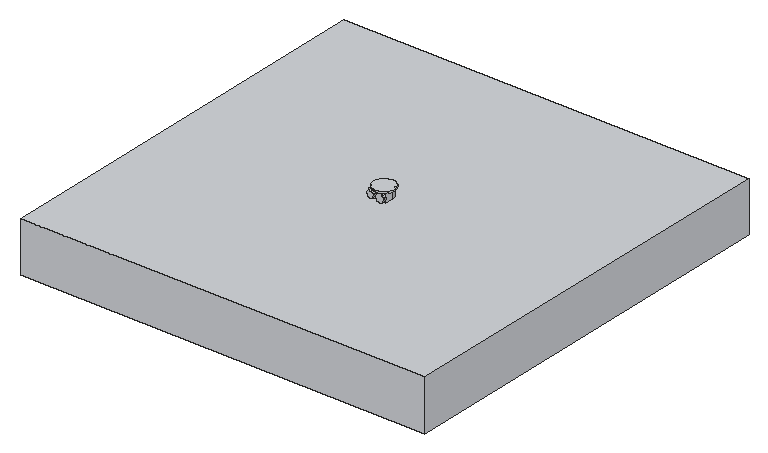
Revit family "M_Alarme do motor d'água", category Equipamento mecânico, Revit 2019
Family settings
  Hospedeiro = Face
  Cota do conector redondo = Usar raio
  Tipo de parte = Normal
  Número OmniClass = 23.85.30.21.11.17
  Título OmniClass = Other Components
  ID de item do Seek = Water Motor Alarm-0000-CAN-ENU
  Corte com vazios quando carregada = Não
  Compartilhado = Não
  Ponto de cálculo do ambiente = Não
Parameters (values of type "20 mm")
  Raio nominal = 10 mm
  Diâmetro nominal = Raio nominal * 2  # 20 mm
  Raio da drenagem = 12.5 mm
  Diâmetro da drenagem = Raio da drenagem * 2  # 25 mm
  Elevação-padrão = 1200 mm
  Material do alarme = none
Reference planes
  plane 1 "Centro (Frente/Trás)": y = 0
  plane 2: z = 0
  plane 3 "Centro (Esquerda/Direita)": x = 0
  plane 4: z = 19.05
  plane 5: z = 65.088
  plane 6: z = 71.437
  plane 7: y = 50.8
  plane 8: x = 50.8
  plane 9: x = -50.8
  plane 10: y = -50.8
  plane 11: z = 42.069
  plane 12: x = 27.781
  plane 13: x = -31.75
  plane 14: y = -68.263
  plane 15: y = -65.088
  plane 16: x = -63.5
  plane 17: x = 63.5
  plane 18: x = 19.05
  plane 19: x = -19.05
  plane 20: z = 20.613
Forms (mm)
  Extrusion 1, solid
    sketch origin (0, 0, 0) x (1, 0, 0) y (0, 1, 0)
      loop
        line (-1219.2, 1219.2) -> (-1219.2, -1219.2) -> (1219.2, -1219.2) -> (1219.2, 1219.2) -> (-1219.2, 1219.2)
    from 0 to -304.8
  Extrusion 2, solid, material <- "Material do alarme", detail levels fine
    sketch origin (0, 0, 0) x (1, 0, 0) y (0, 1, 0)
      loop
        circle (0, 0) r 19.05
    from 0 to 19.05
  Extrusion 3, solid, material <- "Material do alarme", detail levels fine
    sketch origin (0, 0, 0) x (1, 0, 0) y (0, 1, 0)
      loop
        arc (50.8, 0) -> (0, 50.8) -> (-50.8, 0) r 50.8
        line (-50.8, 0) -> (-50.8, -50.8) -> (50.8, -50.8) -> (50.8, 0)
    from 19.05 to 65.088
  Extrusion 4, solid, material <- "Material do alarme", detail levels fine
    sketch origin (0, 0, 0) x (1, 0, 0) y (0, 1, 0)
      loop
        circle (0, 0) r 63.5
    from 65.088 to 71.438
  Extrusion 5, solid, material <- "Material do alarme", detail levels fine
    sketch origin (0, 0, 0) x (1, 0, 0) y (0, 0, 1)
      loop
        circle (27.781, 42.069) r 23.019
    from 50.8 to 68.262
  Extrusion 6, solid, material <- "Material do alarme", detail levels fine
    sketch origin (0, 0, 0) x (1, 0, 0) y (0, 0, 1)
      loop
        circle (-31.75, 42.069) r 19.05
    from 50.8 to 65.087
Cuts and joins
  joined: Extrusion 3, Extrusion 4, Extrusion 5, Extrusion 6
Lines and regions (mm)
  symbolic lines, detail levels fine
    curve 1: line (-63.5, 0, 71.437) -> (-63.5, 0, 65.088)
    curve 2: line (63.5, 0, 71.437) -> (-63.5, 0, 71.437)
    curve 3: line (63.5, 0, 71.437) -> (63.5, 0, 65.088)
    curve 4: line (63.5, 0, 65.088) -> (-63.5, 0, 65.088)
    curve 5: line (-50.8, 0, 65.088) -> (-50.8, 0, 19.05)
    curve 6: line (50.8, 0, 65.088) -> (50.8, 0, 19.05)
  model lines, detail levels coarse+medium
    curve 7: line (0, 0, 65.088) -> (-50.8, 0, 42.069)
    curve 8: line (0, 0, 65.088) -> (50.8, 0, 42.069)
    curve 9: arc (-50.8, 0, 19.05) -> (0, 0, 42.069) -> (50.8, 0, 19.05) r 67.565
    curve 10: line (-50.8, 0, 19.05) -> (50.8, 0, 19.05)
    curve 11: line (0, 0, 19.05) -> (0, 0, 0)
Dimensions and locks
  locked: plane 2 to plane 4 at 19.05
  locked: plane 4 to plane 5 at 46.038
  locked: plane 5 to plane 6 at 6.35
  locked: plane 1 "Centro (Frente/Trás)" to plane 7 at 50.8
  locked: plane 9 to plane 3 "Centro (Esquerda/Direita)" at 50.8
  locked: plane 3 "Centro (Esquerda/Direita)" to plane 8 at 50.8
  locked: plane 1 "Centro (Frente/Trás)" to plane 10 at 50.8
  equal spacing: plane 5, plane 11, plane 4
  locked: plane 8 to plane 12 at 23.019
  locked: plane 13 to plane 9 at 19.05
  locked: plane 10 to plane 14 at 17.462
  locked: plane 10 to plane 15 at 14.288
  locked: plane 16 to plane 3 "Centro (Esquerda/Direita)" at 63.5
  locked: plane 3 "Centro (Esquerda/Direita)" to plane 17 at 63.5
  locked: plane 3 "Centro (Esquerda/Direita)" to plane 19 at 19.05
  locked: plane 3 "Centro (Esquerda/Direita)" to plane 18 at 19.05
  locked: plane 20 to plane 6 at 50.825
  radius of Extrusion 2 sketch curve = 19.05 mm
  radius of Extrusion 3 sketch curve = 50.8 mm
  radius of Extrusion 4 sketch curve = 63.5 mm
  radius of Extrusion 5 sketch curve = 23.019 mm
  radius of Extrusion 6 sketch curve = 19.05 mm
  aligned and locked: plane 2 to Extrusion 1
  aligned and locked: level to Extrusion 1
  aligned and locked: Extrusion 2 to plane 2
  aligned and locked: plane 4 to Extrusion 2
  aligned and locked: Extrusion 3 to plane 4
  aligned and locked: plane 5 to Extrusion 3
  aligned and locked: Extrusion 4 to plane 5
  aligned and locked: plane 6 to Extrusion 4
  aligned and locked: plane 11 to Extrusion 5 sketch curve
  aligned and locked: plane 12 to Extrusion 5 sketch curve
  aligned and locked: plane 11 to Extrusion 6 sketch curve
  aligned and locked: plane 13 to Extrusion 6 sketch curve
  aligned and locked: plane 10 to Extrusion 6
  aligned and locked: plane 10 to Extrusion 5
  aligned and locked: Extrusion 6 to plane 15
  aligned and locked: plane 14 to Extrusion 5
  aligned and locked: plane 6 to curve 1
  aligned and locked: curve 1 to plane 16
  aligned and locked: plane 17 to curve 2
  aligned and locked: curve 2 to plane 6
  aligned and locked: plane 16 to curve 4
  aligned and locked: plane 17 to curve 4
  aligned and locked: curve 4 to plane 5
  aligned and locked: plane 5 to curve 6
  aligned and locked: plane 4 to curve 6
  aligned and locked: cut or joined group of Extrusion 3, Extrusion 4, Extrusion 5, Extrusion 6 to plane 4
  aligned and locked: plane 3 "Centro (Esquerda/Direita)" to curve 8
  aligned and locked: plane 8 to curve 9
  aligned and locked: curve 11 to plane 3 "Centro (Esquerda/Direita)"
  aligned and locked: plane 4 to curve 11
  aligned and locked: level to curve 11
Automatic sketch dimensions
  Extrusion 2 sketch curve to plane 1 "Centro (Frente/Trás)" = 0 mm
  Extrusion 2 sketch curve to plane 3 "Centro (Esquerda/Direita)" = 0 mm
  Extrusion 4 sketch curve to plane 1 "Centro (Frente/Trás)" = 0 mm
  Extrusion 4 sketch curve to plane 3 "Centro (Esquerda/Direita)" = 0 mm
  Extrusion 3 sketch curve to plane 9 = 0 mm
  Extrusion 3 sketch curve to plane 10 = 0 mm
  Extrusion 3 sketch curve to plane 1 "Centro (Frente/Trás)" = 0 mm
  curve 7 to plane 11 = 0 mm
  curve 8 to plane 11 = 0 mm
  curve 9 to plane 9 = 0 mm
  curve 7 to plane 9 = 0 mm
  curve 9 to curve 11 = 25.496 mm
  Extrusion 1 sketch curve to Extrusion 1 sketch curve = 2438.4 mm  (x2)
Connectors
  piping at (-31.75, -65.088, 42.069), diameter 20, driven by "Raio nominal"
    settings: on Extrusion 6, index 1, connector inside diameter 20 mm, connector length 0 mm, flow factor 0, pipe flow 0.0 L/s, pressure drop 0.0 Pa, fitting loss kfactor 0, connector angle 0.00°, fixture units 0, engagement length 0 mm, angle of deflection 0.00°, flow configuration 0, flow direction 1, fitting loss method 0, system type 29, joint type 0, gender type 0, connector reference index 2, connector utility 0, adjustable connector no, is connector primary yes, connector description "In"
  piping at (27.781, -68.263, 42.069), diameter 25, driven by "Raio da drenagem"
    settings: on Extrusion 5, index 2, connector inside diameter 25 mm, connector length 0 mm, flow factor 0, pipe flow 0.0 L/s, pressure drop 0.0 Pa, fitting loss kfactor 0, connector angle 0.00°, fixture units 0, engagement length 0 mm, angle of deflection 0.00°, flow configuration 1, flow direction 2, fitting loss method 0, system type 29, joint type 0, gender type 0, connector reference index 1, connector utility 0, adjustable connector no, is connector primary no, connector description "Saída da drenagem"
